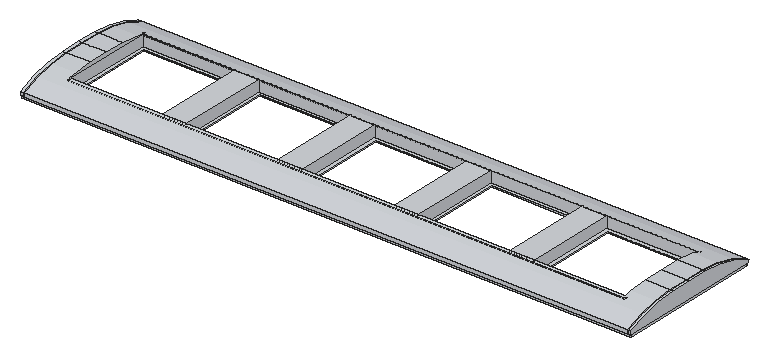
Revit family "Gira_021551", category Electrical Fixtures, host Face, Revit 2017
Family settings
  Host = Face
  Maintain Annotation Orientation = No
  Round Connector Dimension = Use Diameter
  Part Type = Normal
  Cut with Voids When Loaded = No
  Shared = No
  Room Calculation Point = No
Parameters (values of type "Abdeckrahmen 5f Zwischenr. F Alu Gira Event Opak Mint")
  Werkstoffgüte = "Thermoplast"
  Werkstoff = "Kunststoff"
  URL = "http://katalog.gira.de/de_DE/datenblatt.html?artikelnr=021551"
  Transparent = "No"
  Textfeld/Beschriftungsfläche = "No"
  Schutzart (IP) = "IP20"
  Region = "DE"
  Oberfläche = "sonstige"
  Name = "Abdeckrahmen 5f Zwischenr. F Alu Gira Event Opak Mint"
  Montagerichtung = "horizontal und vertikal"
  Mit Montagerahmen = "No"
  Mit Klappdeckel = "No"
  Manufacturer URL = "https://www.gira.de/"
  Keynote = "Event_Rahmen_5fach"
  HeinzeBIM = "https://bimportal.heinze.de/bim/abdeckrahmen-5f-zwischenr-f-alu-gira-event-opak-mint/608b8f4aa27918eb5c619475d472284fbac8ce9c"
  Halogenfrei = "Yes"
  HAN = "021551"
  Geeignet für Unterputz-Installation = "Yes"
  Geeignet für Unterflurkanaldose = "No"
  Geeignet für Geräteeinbaukanal = "No"
  Geeignet für Einbauinstallation = "No"
  GTIN = "4010337215516"
  Farbe = "grün"
  Default Elevation = 1219.2 mm
  Data sheet (1) = "https://katalog.gira.de/de_DE/download.html?artikelnr=021551"
  Category = "Abdeckrahmen"
  Befestigungsart = "Klemmbefestigung"
  Available = "Yes"
  Anzahl der Einheiten vertikal = "5 "
  Anzahl der Einheiten horizontal = "5 "
  Anzahl der Einheiten = "5 "
Reference planes
  plane 1 "Center (Front/Back)": y = 0
  plane 2: z = 0
  plane 3 "Center (Left/Right)": x = 0
Forms (mm)
  Extrusion 1, solid, detail levels fine
    sketch origin (0, 0, 0.05) x (0, 1, 0) y (0, 0, 1)
      loop
        arc (12.445, 9.683) -> (6.223, 9.833) -> (0, 9.85) r 291.636
        arc (0, 9.85) -> (-6.223, 9.833) -> (-12.445, 9.683) r 291.636
        arc (-12.445, 9.683) -> (-29.14, 7.482) -> (-45, 1.823) r 79.728
        line (-45, 1.823) -> (-45, -0.05) -> (-42.086, -0.05)
        arc (-42.086, -0.05) -> (-21.385, 5.559) -> (0, 7.206) r 114.424
        arc (0, 7.206) -> (21.385, 5.559) -> (42.086, -0.05) r 114.424
        line (42.086, -0.05) -> (45, -0.05) -> (45, 1.823)
        arc (45, 1.823) -> (29.14, 7.482) -> (12.445, 9.683) r 79.728
    from -185.578 to 185.593
  Extrusion 2, void, detail levels fine
    sketch origin (0, 0, 0) x (1, 0, 0) y (0, 1, 0)
      loop
        line (170.607, 28) -> (-170.593, 28) -> (-170.593, -28) -> (170.607, -28) -> (170.607, 28)
    from 0.724 to 11
  Extrusion 3, solid, detail levels coarse
    sketch origin (0, 0, 0) x (1, 0, 0) y (0, 1, 0)
      loop
        line (-187.578, 45) -> (-187.578, -45) -> (187.593, -45) -> (187.593, 45) -> (-187.578, 45)
    from -1.5 to 9.9
  Extrusion 4, solid, detail levels medium
    sketch origin (0, 0, 0.05) x (0, 1, 0) y (0, 0, 1)
      loop
        arc (12.445, 9.683) -> (6.223, 9.833) -> (0, 9.85) r 291.636
        arc (0, 9.85) -> (-6.223, 9.833) -> (-12.445, 9.683) r 291.636
        arc (-12.445, 9.683) -> (-29.14, 7.482) -> (-45, 1.823) r 79.728
        line (-45, 1.823) -> (-45, -0.05) -> (45, -0.05) -> (45, 1.823)
        arc (45, 1.823) -> (29.14, 7.482) -> (12.445, 9.683) r 79.728
    from -187.578 to 187.593
  Extrusion 5, solid, detail levels fine
    sketch origin (-142.578, 0, -1.5) x (0, 1, 0) y (0, 0, -1)
      loop
        line (45, -3.373) -> (45, -1.5) -> (-45, -1.5) -> (-45, -3.373)
        arc (-45, -3.373) -> (-29.14, -9.032) -> (-12.445, -11.233) r 79.728
        arc (-12.445, -11.233) -> (-6.223, -11.383) -> (0, -11.4) r 291.636
        arc (0, -11.4) -> (6.223, -11.383) -> (12.445, -11.233) r 291.636
        arc (12.445, -11.233) -> (29.14, -9.032) -> (45, -3.373) r 79.728
    from 43 to 45
  Extrusion 6, solid, detail levels fine
    sketch origin (0, 0, 0) x (1, 0, 0) y (0, 1, 0)
      loop
        line (-168.493, 25.7) -> (-168.493, -25.7) -> (-116.693, -25.7) -> (-116.693, 25.7) -> (-168.493, 25.7)
      loop
        line (-45.398, -25.7) -> (-45.398, 25.7) -> (-97.198, 25.7) -> (-97.198, -25.7) -> (-45.398, -25.7)
      loop
        line (-171.487, 28.49) -> (-171.487, -28.495)
        spline (-171.487, -28.495) -> (-171.479, -28.625) -> (-171.453, -28.754) -> (-171.411, -28.878) -> (-171.353, -28.995) -> (-171.281, -29.104) -> (-171.194, -29.202) -> (-171.096, -29.288) -> (-170.987, -29.361) -> (-170.87, -29.419) -> (-170.746, -29.461) -> (-170.618, -29.486) -> (-170.487, -29.495)
        line (-170.487, -29.495) -> (170.502, -29.495)
        spline (170.502, -29.495) -> (170.633, -29.486) -> (170.761, -29.461) -> (170.885, -29.419) -> (171.002, -29.361) -> (171.111, -29.288) -> (171.209, -29.202) -> (171.296, -29.104) -> (171.368, -28.995) -> (171.426, -28.878) -> (171.468, -28.754) -> (171.494, -28.625) -> (171.502, -28.495)
        line (171.502, -28.495) -> (171.502, 28.49)
        spline (171.502, 28.49) -> (171.494, 28.62) -> (171.468, 28.748) -> (171.426, 28.872) -> (171.368, 28.99) -> (171.296, 29.098) -> (171.209, 29.197) -> (171.111, 29.283) -> (171.002, 29.356) -> (170.885, 29.413) -> (170.761, 29.456) -> (170.633, 29.481) -> (170.502, 29.49)
        line (170.502, 29.49) -> (-170.487, 29.49)
        spline (-170.487, 29.49) -> (-170.618, 29.481) -> (-170.746, 29.456) -> (-170.87, 29.413) -> (-170.987, 29.356) -> (-171.096, 29.283) -> (-171.194, 29.197) -> (-171.281, 29.098) -> (-171.353, 28.99) -> (-171.411, 28.872) -> (-171.453, 28.748) -> (-171.479, 28.62) -> (-171.487, 28.49)
      loop
        line (25.902, -25.7) -> (25.902, 25.7) -> (-25.898, 25.7) -> (-25.898, -25.7) -> (25.902, -25.7)
      loop
        line (97.207, -25.7) -> (97.207, 25.7) -> (45.407, 25.7) -> (45.407, -25.7) -> (97.207, -25.7)
      loop
        line (168.507, -25.7) -> (168.507, 25.7) -> (116.707, 25.7) -> (116.707, -25.7) -> (168.507, -25.7)
    from 0.1 to 7.3
  Extrusion 7, solid
    sketch origin (0, 0, 0) x (1, 0, 0) y (0, 1, 0)
      loop
        arc (-187.293, -44.218) -> (-187.146, -44.572) -> (-186.793, -44.718) r 0.5
        line (-186.793, -44.718) -> (186.807, -44.718)
        arc (186.807, -44.718) -> (187.161, -44.572) -> (187.307, -44.218) r 0.5
        line (187.307, -44.218) -> (187.307, 44.182)
        arc (187.307, 44.182) -> (187.161, 44.535) -> (186.807, 44.682) r 0.5
        line (186.807, 44.682) -> (-186.793, 44.682)
        arc (-186.793, 44.682) -> (-187.146, 44.535) -> (-187.293, 44.182) r 0.5
        line (-187.293, 44.182) -> (-187.293, -44.218)
      loop
        line (-185.593, 42.982) -> (-185.593, -43.018) -> (185.607, -43.018) -> (185.607, 42.982) -> (-185.593, 42.982)
    from -1.5 to 0.5
  Extrusion 8, solid, detail levels fine
    sketch origin (142.593, 0, -1.5) x (0, 1, 0) y (0, 0, 1)
      loop
        arc (45, 3.373) -> (29.14, 9.032) -> (12.445, 11.233) r 79.728
        arc (12.445, 11.233) -> (6.223, 11.383) -> (0, 11.4) r 291.636
        arc (0, 11.4) -> (-6.223, 11.383) -> (-12.445, 11.233) r 291.636
        arc (-12.445, 11.233) -> (-29.14, 9.032) -> (-45, 3.373) r 79.728
        line (-45, 3.373) -> (-45, 1.5) -> (45, 1.5) -> (45, 3.373)
    from 43 to 45
  Extrusion 9, solid, detail levels medium
    sketch origin (0, 0, 0) x (1, 0, 0) y (0, 1, 0)
      loop
        line (-187.293, -44.718) -> (187.307, -44.718) -> (187.307, 44.682) -> (-187.293, 44.682) -> (-187.293, -44.718)
    from -1.5 to 0.5
  Extrusion 10, solid, detail levels fine
    sketch origin (-105.5, 0, 0) x (1, 0, 0) y (0, 1, 0)
      loop
        line (-8.943, 28.063) -> (-8.943, -27.937) -> (6.057, -27.937) -> (6.057, 28.063) -> (-8.943, 28.063)
    from 0.724 to 7.566
  Extrusion 11, solid, detail levels fine
    sketch origin (-37.085, 0, 0) x (-1, 0, 0) y (0, -1, 0)
      loop
        line (-8.943, -28.063) -> (6.057, -28.063) -> (6.057, 27.937) -> (-8.943, 27.937) -> (-8.943, -28.063)
    from 0.724 to 7.566
  Extrusion 12, solid, detail levels fine
    sketch origin (105.5, 0, 0) x (-1, 0, 0) y (0, -1, 0)
      loop
        line (-8.943, -28.063) -> (6.057, -28.063) -> (6.057, 27.937) -> (-8.943, 27.937) -> (-8.943, -28.063)
    from 0.724 to 7.566
  Extrusion 13, solid, detail levels fine
    sketch origin (37.085, 0, 0) x (1, 0, 0) y (0, 1, 0)
      loop
        line (-8.943, 28.063) -> (-8.943, -27.937) -> (6.057, -27.937) -> (6.057, 28.063) -> (-8.943, 28.063)
    from 0.724 to 7.566
Cuts and joins
  Extrusion 2 cuts Extrusion 1
  Extrusion 2 cuts Extrusion 6
Dimensions and locks
  aligned and locked: plane 2 to host face
  aligned and locked: level to host face
